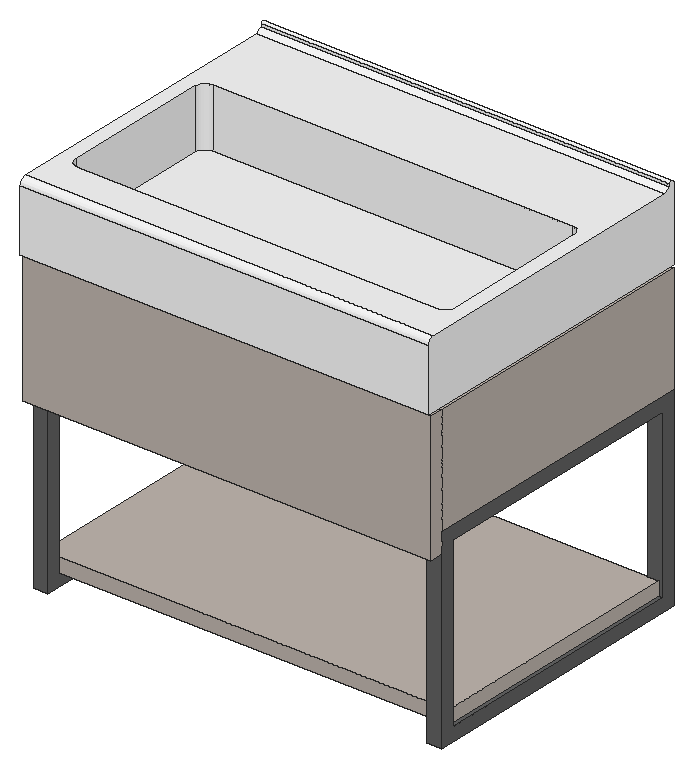
Revit family "O36136491_Mueble Fussion Plus 60 Cm", category Specialty Equipment, Revit 2019
Family settings
  Round Connector Dimension = Use Diameter
  Part Type = Normal
  Work Plane-Based = No
  Always vertical = Yes
  Cut with Voids When Loaded = No
  Shared = No
  Room Calculation Point = No
Parameters
  Resistencia al Rayado = "700 ciclos."  # constant formula
  Resistencia a la humedad = "8%."  # constant formula
  Profundidad = 446 mm
  Profundida Lavamanos = 450 mm
  Peso Neto aprox = "37,5 lb (17 kg)."  # constant formula
  Peso Bruto aprox = "43,2 lb (19,6 kg)."  # constant formula
  Model = "Mueble Fussion Plus 60 Cm"  # constant formula
  Material 3 = Corona_Acero_Negro Mate
  Material 2 = Corona_Plastico_Taupe
  Material = Corona_Porcelana_Sanitaria
  Manufacturer = "Corona"  # constant formula
  Fecha de creación = "30/07/2020"  # constant formula
  Dimensiones generales del producto = "17,56” x 23,62” x 17,56” (446,0 x 600 x 446 mm)."  # constant formula
  Densidad = "18mm 659 kg./m^3."  # constant formula
  Creado por = "IDD"  # constant formula
  Canto = "PVC rígido 22 mm de calibre."  # constant formula
  Ancho Lavamanos = 600 mm
  Ancho = 600 mm
  Altura Lavamanos = 100 mm
  Alto = 446 mm
Reference planes
  plane 1 "Center (Front/Back)": y = 0
  plane 2: z = 0
  plane 3 "Center (Left/Right)": x = 0
  plane 4: x = -300
  plane 5: x = 300
  plane 6: y = -446
  plane 7: z = 446
  plane 8: z = 546
  plane 9: x = -300
  plane 10: x = 300
  plane 11: y = 0
  plane 12: y = -450
Forms (mm)
  Extrusion 1, solid, material "Corona_Plastico_Taupe" <- "Material 2"
    sketch origin (0, 0, 0) x (0, 1, 0) y (0, 0, 1)
      loop
        line (-446, 446) -> (-446, 256) -> (-426, 256) -> (-426, 446) -> (-446, 446)
    from -300 to 300
  Extrusion 2, solid, material "Corona_Acero_Negro Mate" <- "Material 3"
    sketch origin (0, 0, 0) x (0, 1, 0) y (0, 0, 1)
      loop
        line (-426, 285.183) -> (-426, 0) -> (0, 0) -> (0, 285.183) -> (-426, 285.183)
      loop
        line (-406, 265.183) -> (-406, 20) -> (-20, 20) -> (-20, 265.183) -> (-406, 265.183)
    from 278.898 to 300
  Extrusion 3, solid, material "Corona_Acero_Negro Mate" <- "Material 3"
    sketch origin (-578.898, 0, 0) x (0, 1, 0) y (0, 0, 1)
      loop
        line (-426, 285.183) -> (-426, 0) -> (0, 0) -> (0, 285.183) -> (-426, 285.183)
      loop
        line (-406, 265.183) -> (-406, 20) -> (-20, 20) -> (-20, 265.183) -> (-406, 265.183)
    from 278.898 to 300
  Extrusion 4, solid, material "Corona_Plastico_Taupe" <- "Material 2"
    sketch origin (0, 0, 0) x (0, 1, 0) y (0, 0, 1)
      loop
        line (-426, 446) -> (-426, 285.183) -> (0, 285.183) -> (0, 446) -> (-426, 446)
    from -300 to 300
  Extrusion 5, solid, material "Corona_Plastico_Taupe" <- "Material 2"
    sketch origin (0, 0, 0) x (0, 1, 0) y (0, 0, 1)
      loop
        line (-406, 40.423) -> (-406, 20) -> (-20, 20) -> (-20, 40.423) -> (-406, 40.423)
    from -300 to 294.166
  Extrusion 6, solid, material "Corona_Porcelana_Sanitaria" <- "Material"
    sketch origin (0, 0, 0) x (0, 1, 0) y (0, 0, 1)
      loop
        line (-450, 450) -> (0, 450) -> (0, 558.875)
        arc (0, 558.875) -> (-3.17, 562.045) -> (-6.34, 558.875) r 3.17
        line (-6.34, 558.875) -> (-6.34, 555)
        arc (-6.34, 555) -> (-10.871, 552.848) -> (-15, 550) r 31.272
        line (-15, 550) -> (-440, 550)
        arc (-440, 550) -> (-447.071, 547.071) -> (-450, 540) r 10
        line (-450, 540) -> (-450, 450)
    from -300 to 300
  Extrusion 7, void
    sketch origin (0, 0, 0) x (1, 0, 0) y (0, 1, 0)
      loop
        arc (-263.898, -141) -> (-274.504, -145.393) -> (-278.898, -156) r 15
        line (-278.898, -156) -> (-278.898, -374.118)
        arc (-278.898, -374.118) -> (-274.504, -384.725) -> (-263.898, -389.118) r 15
        line (-263.898, -389.118) -> (263.898, -389.118)
        arc (263.898, -389.118) -> (274.504, -384.725) -> (278.898, -374.118) r 15
        line (278.898, -374.118) -> (278.898, -156)
        arc (278.898, -156) -> (274.504, -145.393) -> (263.898, -141) r 15
        line (263.898, -141) -> (-263.898, -141)
    from 463.61 to 651.331
Cuts and joins
  Extrusion 7 cuts Extrusion 6
Lines and regions (mm)
  symbolic lines
    curve 1: arc (-263.898, -141, 0) -> (-274.504, -145.393, 0) -> (-278.898, -156, 0) r 15
    curve 2: line (263.898, -141, 0) -> (-263.898, -141, 0)
    curve 3: arc (278.898, -156, 0) -> (274.504, -145.393, 0) -> (263.898, -141, 0) r 15
    curve 4: line (278.898, -374.118, 0) -> (278.898, -156, 0)
    curve 5: arc (263.898, -389.118, 0) -> (274.504, -384.725, 0) -> (278.898, -374.118, 0) r 15
    curve 6: line (-263.898, -389.118, 0) -> (263.898, -389.118, 0)
    curve 7: arc (-278.898, -374.118, 0) -> (-274.504, -384.725, 0) -> (-263.898, -389.118, 0) r 15
    curve 8: line (-278.898, -156, 0) -> (-278.898, -374.118, 0)
    curve 9: line (-300, 0, 0) -> (300, 0, 0)
    curve 10: line (-300, -450, 0) -> (-300, 0, 0)
    curve 11: line (300, -450, 0) -> (-300, -450, 0)
    curve 12: line (300, 0, 0) -> (300, -450, 0)
    curve 13: line (-300, 0, 0) -> (300, 0, 0)
    curve 14: line (-300, -6.34, 0) -> (-300, 0, 0)
    curve 15: line (300, -6.34, 0) -> (-300, -6.34, 0)
    curve 16: line (300, 0, 0) -> (300, -6.34, 0)
    curve 17: circle (0, -151.713, 0) r 10 normal (0, 0, 1)
Dimensions and locks
  equal spacing: plane 4, plane 3 "Center (Left/Right)", plane 5
  "Ancho": plane 4 to plane 5
  "Profundidad": plane 6 to plane 1 "Center (Front/Back)"
  "Alto": plane 7 to level
  "Altura Lavamanos": plane 8 to plane 7
  "Ancho Lavamanos": plane 9 to plane 10
  "Profundida Lavamanos": plane 11 to plane 12
  aligned and locked: level to plane 2
Automatic sketch dimensions
  Extrusion 1 sketch curve to plane 6 = 0 mm
  Extrusion 1 sketch curve to plane 7 = 0 mm
  plane 6 to Extrusion 1 sketch curve = 20 mm
  Extrusion 1 sketch curve to Extrusion 1 sketch curve = 190 mm
  Extrusion 2 sketch curve to level = 0 mm
  Extrusion 2 sketch curve to plane 1 "Center (Front/Back)" = 0 mm
  plane 1 "Center (Front/Back)" to Extrusion 2 sketch curve = 20 mm
  plane 6 to Extrusion 2 sketch curve = 40 mm
  plane 6 to Extrusion 2 sketch curve = 20 mm
  level to Extrusion 2 sketch curve = 20 mm
  Extrusion 2 sketch curve to plane 7 = 180.817 mm
  Extrusion 2 sketch curve to Extrusion 2 sketch curve = 20 mm
  Extrusion 3 sketch curve to level = 0 mm
  Extrusion 3 sketch curve to plane 1 "Center (Front/Back)" = 0 mm
  plane 1 "Center (Front/Back)" to Extrusion 3 sketch curve = 20 mm
  plane 6 to Extrusion 3 sketch curve = 40 mm
  plane 6 to Extrusion 3 sketch curve = 20 mm
  level to Extrusion 3 sketch curve = 20 mm
  Extrusion 3 sketch curve to plane 7 = 180.817 mm
  Extrusion 3 sketch curve to Extrusion 3 sketch curve = 20 mm
  Extrusion 4 sketch curve to plane 7 = 0 mm
  Extrusion 4 sketch curve to plane 1 "Center (Front/Back)" = 0 mm
  plane 6 to Extrusion 4 sketch curve = 20 mm
  Extrusion 4 sketch curve to Extrusion 4 sketch curve = 160.817 mm
  level to Extrusion 5 sketch curve = 20 mm
  plane 6 to Extrusion 5 sketch curve = 40 mm
  plane 1 "Center (Front/Back)" to Extrusion 5 sketch curve = 20 mm
  Extrusion 5 sketch curve to Extrusion 5 sketch curve = 20.423 mm
  Extrusion 6 sketch curve to plane 12 = 0 mm
  Extrusion 6 sketch curve to plane 1 "Center (Front/Back)" = 0 mm
  plane 6 to Extrusion 6 sketch curve = 6 mm
  plane 8 to Extrusion 6 sketch curve = 4 mm
  plane 1 "Center (Front/Back)" to Extrusion 6 sketch curve = 15 mm
  Extrusion 6 sketch curve to Extrusion 6 sketch curve = 6.34 mm
  Extrusion 6 sketch curve to plane 1 "Center (Front/Back)" = 4.765 mm
  Extrusion 6 sketch curve to plane 8 = 20.234 mm
  plane 7 to Extrusion 6 sketch curve = 4 mm
  Extrusion 6 sketch curve to Extrusion 6 sketch curve = 3.875 mm
  plane 4 to Extrusion 7 sketch curve = 21.102 mm
  Extrusion 7 sketch curve to Extrusion 7 sketch curve = 15 mm  (x3)
  Extrusion 7 sketch curve to plane 5 = 36.102 mm  (x2)
  plane 6 to Extrusion 7 sketch curve = 56.882 mm
  plane 1 "Center (Front/Back)" to Extrusion 7 sketch curve = 156 mm
  curve 11 to plane 4 = 0 mm
  curve 17 to plane 3 "Center (Left/Right)" = 0 mm
  plane 1 "Center (Front/Back)" to curve 12 = 0 mm
  curve 12 to plane 5 = 0 mm
  curve 12 to plane 12 = 0 mm
  plane 4 to curve 8 = 21.102 mm
  curve 8 to curve 6 = 15 mm
  curve 8 to curve 1 = 15 mm
  curve 2 to plane 5 = 36.102 mm
  curve 5 to plane 5 = 36.102 mm
  curve 5 to curve 4 = 15 mm
  plane 6 to curve 6 = 56.882 mm
  plane 1 "Center (Front/Back)" to curve 3 = 156 mm
  plane 1 "Center (Front/Back)" to curve 17 = 151.713 mm
  curve 14 to curve 9 = 6.34 mm
  radius of curve 17 = 10 mm
Connectors
  piping at (118.534, 0, 247.066), diameter 12.7
    settings: on Extrusion 4, index 1, connector inside diameter 609.6 mm, connector length 0 mm, flow factor 0, pipe flow 0.0 L/s, pressure drop 0.0 Pa, fitting loss kfactor 0, connector angle 0.00°, fixture units 0, engagement length 0 mm, angle of deflection 0.00°, flow configuration 0, flow direction 1, fitting loss method 0, system type 20, joint type 0, gender type 0, connector reference index -1, connector utility 0, adjustable connector no, is connector primary yes, connector description ""
  piping at (-128.966, 0, 247.066), diameter 12.7
    settings: on Extrusion 4, index 2, connector inside diameter 609.6 mm, connector length 0 mm, flow factor 0, pipe flow 0.0 L/s, pressure drop 0.0 Pa, fitting loss kfactor 0, connector angle 0.00°, fixture units 0, engagement length 0 mm, angle of deflection 0.00°, flow configuration 0, flow direction 1, fitting loss method 0, system type 19, joint type 0, gender type 0, connector reference index -1, connector utility 0, adjustable connector no, is connector primary no, connector description ""
  piping at (-3.613, 0, 154.175), diameter 50.8
    settings: on Extrusion 4, index 3, connector inside diameter 609.6 mm, connector length 0 mm, flow factor 0, pipe flow 0.0 L/s, pressure drop 0.0 Pa, fitting loss kfactor 0, connector angle 0.00°, fixture units 0, engagement length 0 mm, angle of deflection 0.00°, flow configuration 0, flow direction 2, fitting loss method 0, system type 22, joint type 0, gender type 0, connector reference index -1, connector utility 0, adjustable connector no, is connector primary no, connector description ""
